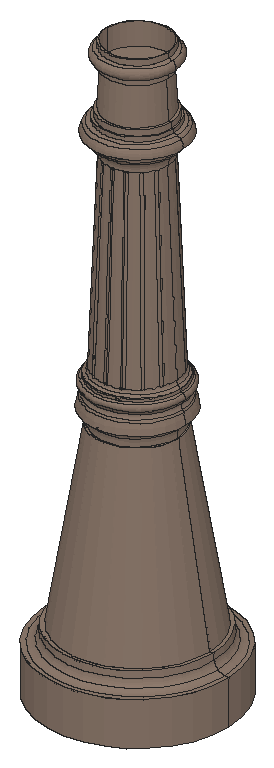
Revit family "CB0201", category Generic Models, Revit 2014
Parameters
  BASE = Bronze, Architectural
Reference planes (in)
  plane 1 "Center (Front/Back)": y = 0
  plane 2: z = 0
  plane 3 "Center (Left/Right)": x = 0
Forms (in)
  Revolve 1, solid, material "Bronze, Architectural" <- "BASE"
    sketch origin (0, 0, 0) x (1, 0, 0) y (0, 0, 1)
      loop
        arc (-2.0625, 37.90625) -> (-2.18826, 37.88075) -> (-2.30344, 37.82419) r 0.50193
        arc (-2.30344, 37.82419) -> (-2.5, 37.5) -> (-2.30344, 37.17581) r 0.36562
        arc (-2.30344, 37.17581) -> (-2.18846, 37.11864) -> (-2.0625, 37.09375) r 0.48361
        line (-2.0625, 37.09375) -> (-2.0625, 36.75) -> (-1.9375, 36.75) -> (-2.0625, 34.25) -> (-2.25, 34.25) -> (-2.25, 33.875) -> (-2.375, 33.875) -> (-2.375, 33.625)
        arc (-2.375, 33.625) -> (-2.51599, 33.61442) -> (-2.6501, 33.56968) r 0.57382
        arc (-2.6501, 33.56968) -> (-2.75309, 33.50007) -> (-2.8311, 33.40329) r 0.41877
        arc (-2.8311, 33.40329) -> (-2.95524, 33.15709) -> (-2.99168, 32.88378) r 0.82822
        arc (-2.99168, 32.88378) -> (-2.78854, 32.82166) -> (-2.62955, 32.68079) r 0.4998
        arc (-2.62955, 32.68079) -> (-2.57018, 32.56774) -> (-2.53661, 32.44453) r 0.58828
        arc (-2.53661, 32.44453) -> (-2.51267, 32.38792) -> (-2.46508, 32.34901) r 0.12789
        arc (-2.46508, 32.34901) -> (-2.13449, 32.05512) -> (-2.03125, 31.625) r 0.73825
        line (-2.03125, 31.625) -> (-2.55889, 19.1478)
        arc (-2.55889, 19.1478) -> (-2.58551, 19.02405) -> (-2.65178, 18.9162) r 0.375
        arc (-2.65178, 18.9162) -> (-2.73349, 18.83993) -> (-2.82863, 18.78125) r 0.56442
        arc (-2.82863, 18.78125) -> (-2.83985, 18.76223) -> (-2.84375, 18.74049) r 0.0625
        line (-2.84375, 18.74049) -> (-2.84375, 18.5625)
        arc (-2.84375, 18.5625) -> (-2.92899, 18.53767) -> (-3.00554, 18.49271) r 0.35954
        arc (-3.00554, 18.49271) -> (-3.12071, 18.3256) -> (-3.07394, 18.1281) r 0.25
        line (-3.07394, 18.1281) -> (-2.875, 17.86669)
        arc (-2.875, 17.86669) -> (-2.88304, 17.71736) -> (-2.9375, 17.57809) r 0.4708
        arc (-2.9375, 17.57809) -> (-2.98677, 17.50581) -> (-3.02369, 17.42652) r 0.5385
        arc (-3.02369, 17.42652) -> (-3.12538, 17.09305) -> (-3.1875, 16.75) r 2.98538
        arc (-3.1875, 16.75) -> (-2.87805, 16.60064) -> (-2.68738, 16.3148) r 0.65255
        arc (-2.68738, 16.3148) -> (-2.63418, 16.06638) -> (-2.625, 15.8125) r 1.45517
        line (-2.625, 15.8125) -> (-2.75, 15.8125) -> (-4.75, 4) -> (-5, 4) -> (-5.03662, 3.58142)
        arc (-5.03662, 3.58142) -> (-5.10404, 3.32982) -> (-5.25344, 3.11645) r 0.75
        arc (-5.25344, 3.11645) -> (-5.4668, 2.96705) -> (-5.7184, 2.89964) r 0.75
        line (-5.7184, 2.89964) -> (-6, 2.875) -> (-6, 0) -> (0, 0) -> (0, 38.25) -> (-2.0625, 38.25) -> (-2.0625, 37.90625)
      axis (0, 0) -> (0, 38.25)
    angle from 0 to 360
  Extrusion 2, void
    sketch origin (0, 1.10746, -0.06614) x (1, 0, 0) y (0, -0.043619, 0.999048)
      loop
        line (0.125, 19.1875) -> (0.125, 31.50002)
        arc (0.125, 31.50002) -> (0.00001, 31.62502) -> (-0.125, 31.50003) r 0.125
        line (-0.125, 31.50003) -> (-0.12606, 19.18751)
        arc (-0.12606, 19.18751) -> (-0.00054, 19.06197) -> (0.125, 19.1875) r 0.12553
    from -2.42047 to -2.17982
  Extrusion 3, void
    sketch origin (0.42375, 1.02296, -0.06614) x (0.923886, -0.382667, 0) y (-0.016692, -0.040299, 0.999048)
      loop
        line (0.125, 19.1875) -> (0.125, 31.50002)
        arc (0.125, 31.50002) -> (0.00001, 31.62502) -> (-0.125, 31.50003) r 0.125
        line (-0.125, 31.50003) -> (-0.12606, 19.18751)
        arc (-0.12606, 19.18751) -> (-0.00054, 19.06197) -> (0.125, 19.1875) r 0.12553
    from -2.42047 to -2.17982
  Extrusion 4, void
    sketch origin (-0.42386, 1.02336, -0.06614) x (0.923875, 0.382695, 0) y (0.016693, -0.040299, 0.999048)
      loop
        line (0.125, 19.1875) -> (0.125, 31.50002)
        arc (0.125, 31.50002) -> (0.00001, 31.62502) -> (-0.125, 31.50003) r 0.125
        line (-0.125, 31.50003) -> (-0.12606, 19.18751)
        arc (-0.12606, 19.18751) -> (-0.00054, 19.06197) -> (0.125, 19.1875) r 0.12553
    from -2.42047 to -2.17982
  Extrusion 5, void
    sketch origin (-0.78327, 0.78344, -0.06614) x (0.707086, 0.707128, 0) y (0.030844, -0.030843, 0.999048)
      loop
        line (0.125, 19.1875) -> (0.125, 31.50002)
        arc (0.125, 31.50002) -> (0.00001, 31.62502) -> (-0.125, 31.50003) r 0.125
        line (-0.125, 31.50003) -> (-0.12606, 19.18751)
        arc (-0.12606, 19.18751) -> (-0.00054, 19.06197) -> (0.125, 19.1875) r 0.12553
    from -2.42047 to -2.17982
  Extrusion 6, void
    sketch origin (0.78291, 0.78274, -0.06614) x (0.707131, -0.707082, 0) y (-0.030842, -0.030845, 0.999048)
      loop
        line (0.125, 19.1875) -> (0.125, 31.50002)
        arc (0.125, 31.50002) -> (0.00001, 31.62502) -> (-0.125, 31.50003) r 0.125
        line (-0.125, 31.50003) -> (-0.12606, 19.18751)
        arc (-0.12606, 19.18751) -> (-0.00054, 19.06197) -> (0.125, 19.1875) r 0.12553
    from -2.42047 to -2.17982
  Extrusion 7, void
    sketch origin (1.02281, 0.42337, -0.06614) x (0.382734, -0.923859, 0) y (-0.040298, -0.016695, 0.999048)
      loop
        line (0.125, 19.1875) -> (0.125, 31.50002)
        arc (0.125, 31.50002) -> (0.00001, 31.62502) -> (-0.125, 31.50003) r 0.125
        line (-0.125, 31.50003) -> (-0.12606, 19.18751)
        arc (-0.12606, 19.18751) -> (-0.00054, 19.06197) -> (0.125, 19.1875) r 0.12553
    from -2.42047 to -2.17982
  Extrusion 8, void
    sketch origin (-1.02351, 0.42424, -0.06614) x (0.382632, 0.923901, 0) y (0.0403, -0.01669, 0.999048)
      loop
        line (0.125, 19.1875) -> (0.125, 31.50002)
        arc (0.125, 31.50002) -> (0.00001, 31.62502) -> (-0.125, 31.50003) r 0.125
        line (-0.125, 31.50003) -> (-0.12606, 19.18751)
        arc (-0.12606, 19.18751) -> (-0.00054, 19.06197) -> (0.125, 19.1875) r 0.12553
    from -2.42047 to -2.17982
  Extrusion 9, void
    sketch origin (1.02249, -0.42414, -0.06614) x (-0.38254, -0.923939, 0) y (-0.040302, 0.016686, 0.999048)
      loop
        line (0.125, 19.1875) -> (0.125, 31.50002)
        arc (0.125, 31.50002) -> (0.00001, 31.62502) -> (-0.125, 31.50003) r 0.125
        line (-0.125, 31.50003) -> (-0.12606, 19.18751)
        arc (-0.12606, 19.18751) -> (-0.00054, 19.06197) -> (0.125, 19.1875) r 0.12553
    from -2.42047 to -2.17982
  Extrusion 10, void
    sketch origin (-1.02382, -0.42348, -0.06614) x (-0.382833, 0.923818, 0) y (0.040296, 0.016699, 0.999048)
      loop
        line (0.125, 19.1875) -> (0.125, 31.50002)
        arc (0.125, 31.50002) -> (0.00001, 31.62502) -> (-0.125, 31.50003) r 0.125
        line (-0.125, 31.50003) -> (-0.12606, 19.18751)
        arc (-0.12606, 19.18751) -> (-0.00054, 19.06197) -> (0.125, 19.1875) r 0.12553
    from -2.42047 to -2.17982
  Extrusion 11, void
    sketch origin (-0.78396, -0.78276, -0.06614) x (-0.707143, 0.70707, 0) y (0.030842, 0.030845, 0.999048)
      loop
        line (0.125, 19.1875) -> (0.125, 31.50002)
        arc (0.125, 31.50002) -> (0.00001, 31.62502) -> (-0.125, 31.50003) r 0.125
        line (-0.125, 31.50003) -> (-0.12606, 19.18751)
        arc (-0.12606, 19.18751) -> (-0.00054, 19.06197) -> (0.125, 19.1875) r 0.12553
    from -2.42047 to -2.17982
  Extrusion 12, void
    sketch origin (0.78254, -0.78311, -0.06614) x (-0.706781, -0.707432, 0) y (-0.030858, 0.030829, 0.999048)
      loop
        line (0.125, 19.1875) -> (0.125, 31.50002)
        arc (0.125, 31.50002) -> (0.00001, 31.62502) -> (-0.125, 31.50003) r 0.125
        line (-0.125, 31.50003) -> (-0.12606, 19.18751)
        arc (-0.12606, 19.18751) -> (-0.00054, 19.06197) -> (0.125, 19.1875) r 0.12553
    from -2.42047 to -2.17982
  Extrusion 13, void
    sketch origin (-0.42421, -1.02321, -0.06614) x (-0.92411, 0.382128, 0) y (0.016668, 0.040309, 0.999048)
      loop
        line (0.125, 19.1875) -> (0.125, 31.50002)
        arc (0.125, 31.50002) -> (0.00001, 31.62502) -> (-0.125, 31.50003) r 0.125
        line (-0.125, 31.50003) -> (-0.12606, 19.18751)
        arc (-0.12606, 19.18751) -> (-0.00054, 19.06197) -> (0.125, 19.1875) r 0.12553
    from -2.42047 to -2.17982
  Extrusion 14, void
    sketch origin (0.42328, -1.02315, -0.06614) x (-0.923693, -0.383133, 0) y (-0.016712, 0.040291, 0.999048)
      loop
        line (0.125, 19.1875) -> (0.125, 31.50002)
        arc (0.125, 31.50002) -> (0.00001, 31.62502) -> (-0.125, 31.50003) r 0.125
        line (-0.125, 31.50003) -> (-0.12606, 19.18751)
        arc (-0.12606, 19.18751) -> (-0.00054, 19.06197) -> (0.125, 19.1875) r 0.12553
    from -2.42047 to -2.17982
  Extrusion 15, void
    sketch origin (-0.00041, -1.10746, -0.06614) x (-1, -0.000587, 0) y (-0.000026, 0.043619, 0.999048)
      loop
        line (0.125, 19.1875) -> (0.125, 31.50002)
        arc (0.125, 31.50002) -> (0.00001, 31.62502) -> (-0.125, 31.50003) r 0.125
        line (-0.125, 31.50003) -> (-0.12606, 19.18751)
        arc (-0.12606, 19.18751) -> (-0.00054, 19.06197) -> (0.125, 19.1875) r 0.12553
    from -2.42047 to -2.17982
  Revolve 16, void
    sketch origin (0, 0, 0) x (1, 0, 0) y (0, 0, 1)
      loop
        line (0, 36.80383) -> (0, 38.25) -> (-1.98437, 38.25) -> (-1.98437, 36.80383) -> (0, 36.80383)
      axis (0, 38.25) -> (0, 36.80383)
    angle from 0 to 360
Cuts and joins
  Extrusion 2, Extrusion 3, Extrusion 4, Extrusion 5, Extrusion 6, Extrusion 7, Extrusion 8, Extrusion 9, Extrusion 10, Extrusion 11, Extrusion 12, Extrusion 13, Extrusion 14, Extrusion 15, Revolve 16 cuts Revolve 1
Dimensions and locks (in)
  aligned and locked: plane 2 to level
